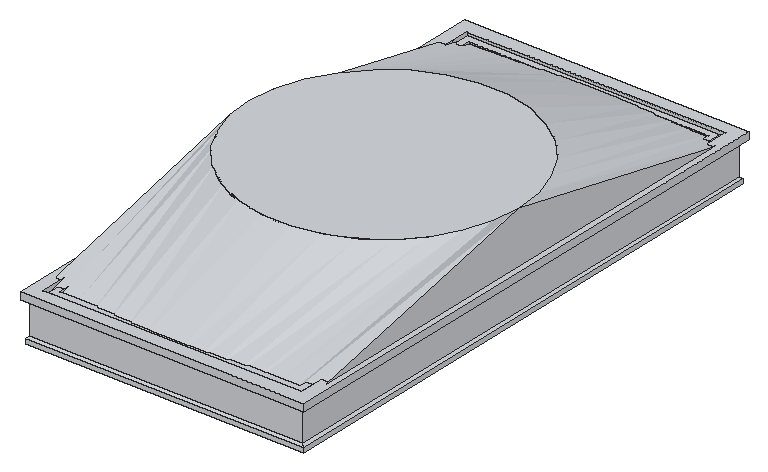
Revit family "M18", category Air Terminals, host Face, Revit 2025 (continued)
Automatic sketch dimensions
  plane 1 "Center (Front/Back)" to Extrusion 40 sketch curve = 11 23/32"
  plane 3 "Center (Left/Right)" to Extrusion 41 sketch curve = 3.68197"
  plane 1 "Center (Front/Back)" to Extrusion 41 sketch curve = 11 23/32"
  plane 3 "Center (Left/Right)" to Extrusion 42 sketch curve = 3.09442"
  plane 1 "Center (Front/Back)" to Extrusion 42 sketch curve = 11 23/32"
  plane 3 "Center (Left/Right)" to Extrusion 43 sketch curve = 2.50688"
  plane 1 "Center (Front/Back)" to Extrusion 43 sketch curve = 11 23/32"
  plane 3 "Center (Left/Right)" to Extrusion 44 sketch curve = 1.91933"
  plane 1 "Center (Front/Back)" to Extrusion 44 sketch curve = 11 23/32"
  plane 3 "Center (Left/Right)" to Extrusion 45 sketch curve = 1.33179"
  plane 1 "Center (Front/Back)" to Extrusion 45 sketch curve = 11 23/32"
  plane 3 "Center (Left/Right)" to Extrusion 46 sketch curve = 0.74424"
  plane 1 "Center (Front/Back)" to Extrusion 46 sketch curve = 11 23/32"
  plane 3 "Center (Left/Right)" to Extrusion 47 sketch curve = 0.1567"
  plane 1 "Center (Front/Back)" to Extrusion 47 sketch curve = 11 23/32"
  Extrusion 48 sketch curve to plane 3 "Center (Left/Right)" = 0.43085"
  plane 1 "Center (Front/Back)" to Extrusion 48 sketch curve = 11 23/32"
  Extrusion 49 sketch curve to plane 3 "Center (Left/Right)" = 1.01839"
  plane 1 "Center (Front/Back)" to Extrusion 49 sketch curve = 11 23/32"
  Extrusion 50 sketch curve to plane 3 "Center (Left/Right)" = 1.60594"
  plane 1 "Center (Front/Back)" to Extrusion 50 sketch curve = 11 23/32"
  Extrusion 52 sketch curve to plane 3 "Center (Left/Right)" = 2.78103"
  plane 1 "Center (Front/Back)" to Extrusion 52 sketch curve = 11 23/32"
  Extrusion 53 sketch curve to plane 3 "Center (Left/Right)" = 3.36857"
  plane 1 "Center (Front/Back)" to Extrusion 53 sketch curve = 11 23/32"
  Extrusion 54 sketch curve to plane 3 "Center (Left/Right)" = 3.95612"
  plane 1 "Center (Front/Back)" to Extrusion 54 sketch curve = 11 23/32"
  Extrusion 55 sketch curve to plane 3 "Center (Left/Right)" = 4.54366"
  plane 1 "Center (Front/Back)" to Extrusion 55 sketch curve = 11 23/32"
  Extrusion 56 sketch curve to plane 3 "Center (Left/Right)" = 5.13121"
  plane 1 "Center (Front/Back)" to Extrusion 56 sketch curve = 11 23/32"
  Extrusion 2 sketch curve to plane 3 "Center (Left/Right)" = 5 23/32"
  Extrusion 2 sketch curve to plane 1 "Center (Front/Back)" = 11.57198"
  profile plane to Sweep 1 sketch curve = 3/4"
  Sweep 1 sketch curve to Sweep 1 sketch curve = 0.05764"  (x2)
  Sweep 1 sketch curve to Sweep 1 sketch curve = 0.08362"
  Sweep 1 sketch curve to Sweep 1 sketch curve = 0.05334"
  Sweep 1 sketch curve to Sweep 1 sketch curve = 0.05401"
  Sweep 1 sketch curve to Sweep 1 sketch curve = 0.07336"
  Sweep 1 sketch curve to Sweep 1 sketch curve = 0.14677"
  Sweep 1 sketch curve to Sweep 1 sketch curve = 0.0885"
  profile plane to Sweep 1 sketch curve = 0.13924"
  profile plane to Sweep 1 sketch curve = 0.03676"
  Sweep 1 sketch curve to profile plane = 0.03676"
  Sweep 1 sketch curve to profile plane = 0.13924"
  Sweep 1 sketch curve to profile plane = 9/32"
  Sweep 1 sketch curve to profile plane = 2.87026"
  Sweep 1 sketch curve to Sweep 1 sketch curve = 0.18527"  (x2)
  Sweep 1 sketch curve to Sweep 1 sketch curve = 0.10248"
  Sweep 1 sketch curve to Sweep 1 sketch curve = 0"  (x2)
  Sweep 1 sketch curve to Sweep 1 sketch curve = 0.45519"
  Sweep 1 sketch curve to Sweep 1 sketch curve = 0.913"
  Sweep 1 sketch curve to Sweep 1 sketch curve = 0.06704"
  Sweep 1 sketch curve to Sweep 1 sketch curve = 0.06014"
  Sweep 1 sketch curve to Sweep 1 sketch curve = 0.06146"
  Sweep 1 sketch curve to Sweep 1 sketch curve = 0.18296"
  Sweep 1 sketch curve to Sweep 1 sketch curve = 0.05625"
  Sweep 1 sketch curve to Sweep 1 sketch curve = 0.03865"
  Sweep 1 sketch curve to Sweep 1 sketch curve = 0.07652"
  Sweep 1 sketch curve to Sweep 1 sketch curve = 0.07973"
  plane 1 "Center (Front/Back)" to Blend 115 sketch curve = 0"
  Blend 115 sketch curve to plane 3 "Center (Left/Right)" = 0"
Connectors (in)
  hvac at (0, 0, -1.7421), driven by "Duct Height", driven by "Duct Width"
    settings: on Sweep 1, index 1, duct flow 0 CFM, flow factor 0, pres drop 0.00 in-wg, loss coef 0, conn angle 0.00°, conn width 12", conn height 12", conn diameter 12", duct sys type 1, conn prof type 1, flow config 0, flow direction 0, loss method 0, conn ref index -1, conn util no, is conn primary yes, conn desc ""
